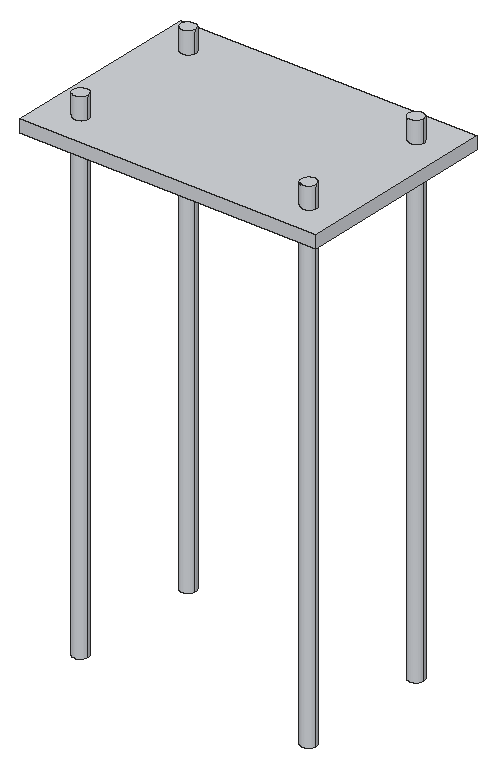
Revit family "AIGRAV_BasePlate_WF400", category Structural Connections, Revit 2026
Family settings
  Material for Model Behavior = Other
  Work Plane-Based = No
  Enable Cutting in Views = Yes
  Always vertical = Yes
  Cut with Voids When Loaded = No
  Shared = No
Parameters
  Default Elevation = 0 mm
Reference planes
  plane 1 "Center (Front/Back)": y = 0
  plane 2: z = 0
  plane 3 "Center (Left/Right)": x = 0
Forms (mm)
  Extrusion 1, solid
    sketch origin (0, 0, 0) x (1, 0, 0) y (0, 1, 0)
      loop
        line (-220, -150) -> (220, -150) -> (220, 150) -> (-220, 150) -> (-220, -150)
    from 0 to 19
  Extrusion 2, solid
    sketch origin (0, 0, 0) x (1, 0, 0) y (0, 1, 0)
      loop
        circle (170, 100) r 11
    from 0 to 50
  Extrusion 3, solid
    sketch origin (0, 0, 0) x (1, 0, 0) y (0, 1, 0)
      loop
        circle (170, 100) r 11
    from -700 to 0
  Extrusion 4, solid
    sketch origin (0, 0, 0) x (1, 0, 0) y (0, 1, 0)
      loop
        circle (-170, 100) r 11
    from 0 to 50
  Extrusion 5, solid
    sketch origin (0, 0, 0) x (1, 0, 0) y (0, 1, 0)
      loop
        circle (-170, 100) r 11
    from -700 to 0
  Extrusion 6, solid
    sketch origin (0, 0, 0) x (1, 0, 0) y (0, 1, 0)
      loop
        circle (170, -100) r 11
    from 0 to 50
  Extrusion 7, solid
    sketch origin (0, 0, 0) x (1, 0, 0) y (0, 1, 0)
      loop
        circle (170, -100) r 11
    from -700 to 0
  Extrusion 8, solid
    sketch origin (0, 0, 0) x (1, 0, 0) y (0, 1, 0)
      loop
        circle (-170, -100) r 11
    from 0 to 50
  Extrusion 9, solid
    sketch origin (0, 0, 0) x (1, 0, 0) y (0, 1, 0)
      loop
        circle (-170, -100) r 11
    from -700 to 0
Dimensions and locks
  aligned and locked: level to plane 2
